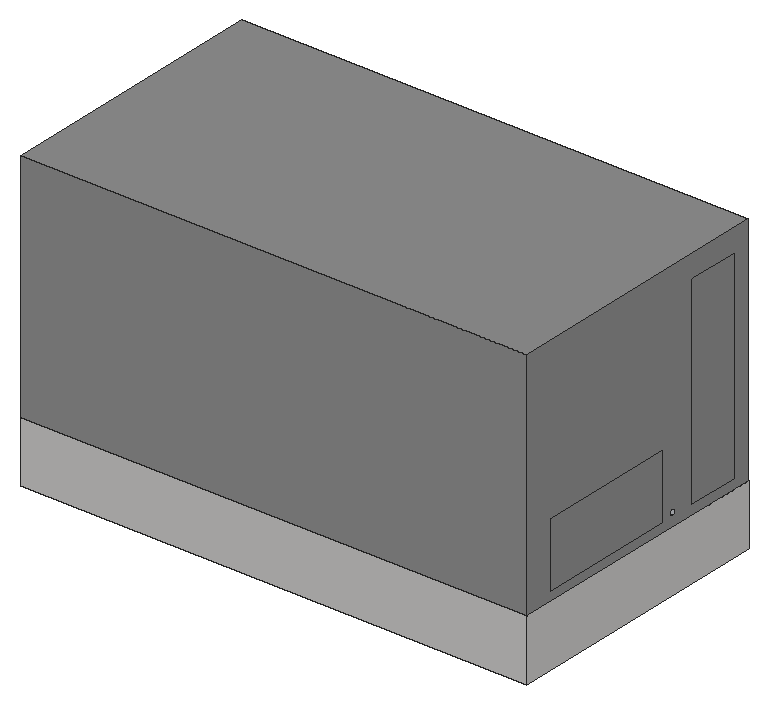
Revit family
Parameters (values of type "15 ton 48TC**16")
  knockout thickness = 1/16"
  Voltage = 0 V
  Version = 1  # constant formula
  Unit material = American Sterling
  URL = "www.Carrier.com"
  TTBY3 = 15"
  TTBY2 = 18 1/8"
  TTBY1 = 22 1/2"
  TTBX = 44 1/4"
  TTBPowerR = 1 1/4"
  TTBGasR = 7/8"
  SSSZ = 6 1/8"
  SSSY = 6 5/8"
  SSSW = 31 3/4"
  SSSH = 14 5/8"
  SSRZ = 6 1/8"
  SSRY = 4 3/8"
  SSRW = 11 7/8"
  SSRH = 46 1/8"
  SEER = 0
  Right clearance = 36"
  PWRZ = 35 3/4"
  PWRY = 11.71105"
  PWRR = 1 1/4"
  ODF2X = 25"
  ODF1Y = ODF1R + 1"  # 12"
  ODF1X = 13"
  ODF1R = 11"
  Model = "48TC"  # constant formula
  Manufacturer = "Carrier"  # constant formula
  MOCP = 0 A
  MCA = 0 A
  Left clearance = 48"
  IEER = 11.7
  Gas [instance] = yes
  Front clearance = 48"
  Fan Z = Height - 3 3/4" + Curb Z  # 67 5/8"
  Width = 63 3/8"
  Length = 115 7/8"
  Height = 57 3/8"
  Fan 2 on = yes
  EER = 10.8
  Disclaimer = "Manufacturer reserves the right to change, at any time, specifications and designs without notice and without obligation.  Please verify critical parameters with local Carrier commercial sales office."  # constant formula
  DSSY = 4 7/8"
  DSSX = 6 1/4"
  DSSW = 26 3/4"
  DSSH = 34"
  DSRY = 6 3/8"
  DSRX = 6 1/4"
  DSRW = 46 7/8"
  DSRH = 12 5/8"
  DRNZ = 6 7/8"
  DRNY = 41 1/2"
  DRNR = 67/128"
  Curb_1SLAB_2ROOFCURB_3SNOWCURB = 2
  Curb material = Curb paint
  Curb Z = if(Curb_1SLAB_2ROOFCURB_3SNOWCURB = 1, 3 3/4", if(Curb_1SLAB_2ROOFCURB_3SNOWCURB = 2, 14", if(Curb_1SLAB_2ROOFCURB_3SNOWCURB = 3, 24", 14")))  # 14"
  Fan 3 on = yes
  CFM (nominal) = 0 CFM
  Back clearance = 36"
  Alt Condensate Drain = DRNR  # 67/128"
  AccypwrR = 7/16"
  ACY = 26"
  ACX = 41 1/2"
Types (10): name | TTBY3 | TTBY2 | TTBY1 | TTBX | TTBPowerR | TTBGasR | SSSZ | SSSY | SSSW | SSSH | SSRZ | SSRY | SSRW | SSRH | SEER | PWRZ | PWRY | ODF2X | ODF1Y | ODF1X | ODF1R | IEER | Fan Z | Width | Length | Height | Fan 2 on | EER | DSSY | DSSX | DSSW | DSSH | DSRY | DSRX | DSRW | DSRH | DRNZ | DRNY | Fan 3 on | Back clearance | ACY | ACX
  (no name) | 15" | 18 1/8" | 22 1/2" | 44 1/4" | 1 1/4" | 7/8" | 6 1/8" | 6 5/8" | 31 3/4" | 14 5/8" | 6 1/8" | 4 3/8" | 11 7/8" | 46 1/8" | 0 | 35 3/4" | 11.71105" | 25" | 12" | 13" | 11" | 11.7 | 67 5/8" | 63 3/8" | 115 7/8" | 57 3/8" | yes | 10.8 | 4 7/8" | 6 1/4" | 26 3/4" | 34" | 6 3/8" | 6 1/4" | 46 7/8" | 12 5/8" | 6 7/8" | 41 1/2" | yes | 36" | 26" | 41 1/2"
  3 ton 48TC **04 | 12 1/4" | 16 1/8" | 18 1/8" | 25" | 9/16" | 19/32" | 6 1/8" | 6 5/8" | 16 3/4" | 11 3/8" | 6" | 2 1/4" | 10 1/2" | 25 1/8" | 13 | 15 3/4" | 4 5/8" | 42" | 14" | 14" | 13" | 0 | 43 5/8" | 44" | 74 3/8" | 33 3/8" | no | 11 | 6 1/4" | 3 3/8" | 12 1/8" | 17 3/4" | 3 3/4" | 3 3/8" | 25 5/8" | 10 7/8" | 7" | 26 3/4" | no | 42" | 18 1/2" | 26 1/2"
  4 ton 48TC**05 | 12 1/4" | 16 1/8" | 18 1/8" | 25" | 9/16" | 19/32" | 6 1/8" | 6 5/8" | 16 3/4" | 11 3/8" | 6" | 2 1/4" | 10 1/2" | 25 1/8" | 13 | 15 3/4" | 4 5/8" | 42" | 14" | 14" | 13" | 0 | 43 5/8" | 44" | 74 3/8" | 33 3/8" | no | 11 | 6 1/4" | 3 3/8" | 12 1/8" | 17 3/4" | 3 3/4" | 3 3/8" | 25 5/8" | 10 7/8" | 7" | 26 3/4" | no | 42" | 18 1/2" | 26 1/2"
  5 ton 48TC**06 | 12 1/4" | 16 1/8" | 18 1/8" | 25" | 9/16" | 19/32" | 6 1/8" | 6 5/8" | 16 3/4" | 11 3/8" | 6" | 2 1/4" | 10 1/2" | 25 1/8" | 13 | 15 3/4" | 4 5/8" | 42" | 14" | 14" | 13" | 0 | 43 5/8" | 44" | 74 3/8" | 33 3/8" | no | 10.75 | 6 1/4" | 3 3/8" | 12 1/8" | 17 3/4" | 3 3/4" | 3 3/8" | 25 5/8" | 10 7/8" | 7" | 26 3/4" | no | 42" | 18 1/2" | 26 1/2"
  6 ton 48TC**07 | 12 1/4" | 16 1/8" | 18 1/8" | 25" | 9/16" | 19/32" | 6 1/8" | 6 5/8" | 16 3/4" | 11 3/8" | 6" | 2 1/4" | 10 1/2" | 25 1/8" | 0 | 15 3/4" | 4 5/8" | 42" | 14" | 14" | 13" | 11.2 | 51 5/8" | 44" | 74 3/8" | 41 3/8" | no | 11 | 6 1/4" | 3 3/8" | 12 1/8" | 17 3/4" | 3 3/4" | 3 3/8" | 25 5/8" | 10 7/8" | 7" | 26 3/4" | no | 36" | 18 1/2" | 26 1/2"
  7.5 ton 48TC**08 | 11" | 16" | 18" | 29 5/8" | 7/8" | 7/8" | 5 3/4" | 6 1/4" | 28 3/8" | 13 7/8" | 5 3/4" | 5" | 12 5/8" | 33 3/4" | 0 | 27 7/8" | 4 5/8" | 12" | 11" | 25" | 10" | 11.7 | 51 1/2" | 59 1/2" | 88 1/8" | 41 1/4" | yes | 11 | 6 1/4" | 3 1/4" | 14" | 28 3/4" | 6 1/2" | 3 1/4" | 36 3/8" | 12 5/8" | 7" | 37 3/8" | no | 36" | 25 1/2" | 37 5/8"
  8.5 ton 48TC**09 | 11" | 16" | 18" | 29 5/8" | 7/8" | 7/8" | 5 3/4" | 6 1/4" | 28 3/8" | 13 7/8" | 5 3/4" | 5" | 12 5/8" | 36 3/8" | 0 | 27 7/8" | 4 5/8" | 12" | 11" | 25" | 10" | 11.7 | 59 5/8" | 59 1/2" | 88 1/8" | 49 3/8" | yes | 11 | 6 1/4" | 3 1/4" | 14" | 28 3/4" | 6 1/2" | 3 1/4" | 36 3/8" | 12 5/8" | 7" | 37 3/8" | no | 36" | 25 1/2" | 37 5/8"
  10 ton 48TC**12 | 11" | 16" | 18" | 29 5/8" | 7/8" | 7/8" | 5 3/4" | 6 1/4" | 28 3/8" | 13 7/8" | 5 3/4" | 5" | 12 5/8" | 36 3/8" | 0 | 27 7/8" | 4 5/8" | 12" | 11" | 25" | 10" | 11.8 | 59 5/8" | 59 1/2" | 88 1/8" | 49 3/8" | yes | 11.1 | 6 1/4" | 3 1/4" | 14" | 28 3/4" | 6 1/2" | 3 1/4" | 36 3/8" | 12 5/8" | 7" | 37 3/8" | no | 36" | 25 1/2" | 37 5/8"
  12.5 ton 48TC**14 | 11" | 16" | 18" | 29 5/8" | 7/8" | 7/8" | 5 3/4" | 6 1/4" | 28 3/8" | 13 7/8" | 5 3/4" | 5" | 12 5/8" | 36 3/8" | 0 | 36" | 4 5/8" | 12" | 19" | 19" | 18" | 11 | 59 5/8" | 59 1/2" | 88 1/8" | 49 3/8" | no | 10.8 | 6 1/4" | 3 1/4" | 14" | 28 3/4" | 6 1/2" | 3 1/4" | 36 3/8" | 12 5/8" | 7" | 37 3/8" | no | 36" | 25 1/2" | 37 5/8"
  15 ton 48TC**16 | 15" | 18 1/8" | 22 1/2" | 44 1/4" | 1 1/4" | 7/8" | 6 1/8" | 6 5/8" | 31 3/4" | 14 5/8" | 6 1/8" | 4 3/8" | 11 7/8" | 46 1/8" | 0 | 35 3/4" | 11.71105" | 25" | 12" | 13" | 11" | 11.7 | 67 5/8" | 63 3/8" | 115 7/8" | 57 3/8" | yes | 10.8 | 4 7/8" | 6 1/4" | 26 3/4" | 34" | 6 3/8" | 6 1/4" | 46 7/8" | 12 5/8" | 6 7/8" | 41 1/2" | yes | 36" | 26" | 41 1/2"
Reference planes (in)
  plane 1 "Center (Front/Back)": y = 0
  plane 2: z = 0
  plane 3 "Center (Left/Right)": x = 0
  plane 4: y = 31.6875
  plane 5: y = -31.6875
  plane 6 "Left": x = -57.9375
  plane 7 "Right": x = 57.9375
  plane 8 "Top": z = 67.625
  plane 9 "Basepan": z = 14
  plane 10: z = 10.25
  plane 11: x = -44.9375
  plane 12: y = 19.6875
  plane 13: y = -19.6875
  plane 14: x = -32.9375
  plane 15: z = 31
  plane 16: z = 16.375
  plane 17: y = -25.0625
  plane 18: y = 6.6875
  plane 19: z = 62.5
  plane 20: z = 16.375
  plane 21: y = 27.3125
  plane 22: y = 15.4375
  plane 23: y = 25.3125
  plane 24: y = 12.6875
  plane 25: y = 7.1875
  plane 26: y = -26.8125
  plane 27: x = 51.6875
  plane 28: x = 24.9375
  plane 29: x = 51.6875
  plane 30: x = 4.8125
  plane 31: z = 14.125
  plane 32: x = 58.0625
  plane 33: y = 9.8125
  plane 34 "drain height": z = 17.125
  plane 35: z = 15
  plane 36: y = 67.6875
  plane 37: y = -79.6875
  plane 38: x = -105.9375
  plane 39: x = 93.9375
  plane 40: y = -5.6875
  plane 41: x = 16.4375
  plane 42: x = -13.6875
  plane 43: y = -16.6875
  plane 44: y = -13.5625
  plane 45: y = -9.1875
  plane 46: y = -12.375
  plane 47: y = -19.97645
  plane 48: z = 49.75
  plane 49: x = -36.73827
Forms (in)
  Extrusion 1, solid, material "American Sterling" <- "Unit material"
    sketch origin (0, 0, 0) x (1, 0, 0) y (0, 1, 0)
      loop
        line (-57.9375, 31.6875) -> (-57.9375, -31.6875) -> (57.9375, -31.6875) -> (57.9375, 31.6875) -> (-57.9375, 31.6875)
    from 10.25 to 67.625
  Extrusion 2, solid, material "Curb paint" <- "Curb material"
    sketch origin (0, 0, -10.25) x (1, 0, 0) y (0, 1, 0)
      loop
        line (-57.9375, 31.6875) -> (-57.9375, -31.6875) -> (57.9375, -31.6875) -> (57.9375, 31.6875) -> (-57.9375, 31.6875)
    from 10.25 to 24.25
  Extrusion 3, solid, material "American Sterling" <- "Unit material"
    sketch origin (57.9375, 0, 0) x (0, 1, 0) y (0, 0, 1)
      loop
        line (-25.0625, 31) -> (-25.0625, 16.375) -> (6.6875, 16.375) -> (6.6875, 31) -> (-25.0625, 31)
    from 0 to 0.125
  Extrusion 4, solid, material "American Sterling" <- "Unit material"
    sketch origin (57.9375, 0, 0) x (0, 1, 0) y (0, 0, 1)
      loop
        line (15.4375, 62.5) -> (15.4375, 16.375) -> (27.3125, 16.375) -> (27.3125, 62.5) -> (15.4375, 62.5)
    from 0 to 0.125
  Extrusion 5, void
    sketch origin (0, 0, 0) x (1, 0, 0) y (0, 1, 0)
      loop
        line (4.8125, 25.3125) -> (4.8125, 12.6875) -> (51.6875, 12.6875) -> (51.6875, 25.3125) -> (4.8125, 25.3125)
    from 0 to 15
  Extrusion 6, void
    sketch origin (0, 0, 0) x (1, 0, 0) y (0, 1, 0)
      loop
        line (24.9375, -26.8125) -> (51.6875, -26.8125) -> (51.6875, 0) -> (24.9375, 0) -> (24.9375, -26.8125)
    from 0 to 15
  Sweep 7, solid
    path origin (0, 0, 17.125) x (1, 0, 0) y (0, 1, 0)
      loop
        line (57.9375, 9.8125) -> (58.0625, 9.8125)
    profile origin (58, 9.8125, 17.125) x (0, 1, 0) y (0, 0, 1)
      loop
        circle (0, 0) r 0.52344
  Extrusion 8, void
    sketch origin (0, 0, 14) x (-1, 0, 0) y (0, -1, 0)
      loop
        circle (-16.4375, 5.6875) r 0.52344
    from -14 to 2.375
  Extrusion 9, void
    sketch origin (0, 0, 14) x (-1, 0, 0) y (0, -1, 0)
      loop
        circle (13.6875, 16.6875) r 0.4375
    from -14 to 2.375
  Extrusion 10, void
    sketch origin (0, 0, 14) x (-1, 0, 0) y (0, -1, 0)
      loop
        circle (13.6875, 13.5625) r 1.25
    from -14 to 2.375
  Extrusion 11, void
    sketch origin (0, 0, 14) x (-1, 0, 0) y (0, -1, 0)
      loop
        circle (13.6875, 9.1875) r 0.875
    from -14 to 2.375
  Extrusion 12, void
    sketch origin (0, 0, 0) x (0, 1, 0) y (0, 0, 1)
      loop
        circle (-19.97645, 49.75) r 1.25
    from -58 to -57.9375
Cuts and joins
  Extrusion 5, Extrusion 6, Extrusion 8, Extrusion 9, Extrusion 10, Extrusion 11 cuts Extrusion 2
  Extrusion 5, Extrusion 6, Extrusion 8, Extrusion 9, Extrusion 10, Extrusion 11, Extrusion 12 cuts Extrusion 1
Lines and regions (in)
  symbolic lines, detail levels fine
    curve 1: line (-105.9375, 67.6875, 17.125) -> (93.9375, 67.6875, 17.125)
    curve 2: line (-105.9375, -79.6875, 17.125) -> (-105.9375, 67.6875, 17.125)
    curve 3: line (93.9375, -79.6875, 17.125) -> (-105.9375, -79.6875, 17.125)
    curve 4: line (93.9375, 67.6875, 17.125) -> (93.9375, -79.6875, 17.125)
Dimensions and locks (in)
  equal spacing: plane 4, plane 1 "Center (Front/Back)", plane 5  (x2)
  equal spacing: plane 6 "Left", plane 3 "Center (Left/Right)", plane 7 "Right"  (x2)
  "Length": plane 6 "Left" to plane 7 "Right"
  "Width": plane 4 to plane 5
  "Curb Z": plane 9 "Basepan" to plane 2
  locked: plane 9 "Basepan" to plane 10 at 3.75
  "Height": plane 8 "Top" to plane 10
  "ODF1Y": plane 4 to plane 12
  "ODF1X": plane 6 "Left" to plane 11
  "ODF1Y": plane 13 to plane 5
  "ODF2X": plane 6 "Left" to plane 14
  plane 6 "Left" to plane 7 "Right" = 115 7/8"
  plane 4 to plane 5 = 63 3/8"
  plane 4 to plane 12 = 12"
  plane 6 "Left" to plane 11 = 13"
  plane 13 to plane 5 = 12"
  plane 6 "Left" to plane 14 = 25"
  "SSSH": plane 15 to plane 16
  "SSSW": plane 17 to plane 18
  "SSRW": plane 22 to plane 21
  "SSRH": plane 19 to plane 20
  "SSSY": plane 5 to plane 17
  "SSSZ": plane 16 to plane 10
  "SSRZ": plane 20 to plane 10
  "SSRY": plane 21 to plane 4
  "DSRH": plane 23 to plane 24
  "DSRW": plane 30 to plane 29
  "DSRX": plane 29 to plane 7 "Right"
  "DSSX": plane 27 to plane 7 "Right"
  "DSSY": plane 26 to plane 5
  "DSSW": plane 28 to plane 27
  "DSSH": plane 25 to plane 26
  "DSRY": plane 4 to plane 23
  locked: plane 31 to plane 9 "Basepan" at 0.125
  locked: plane 32 to plane 7 "Right" at 0.125
  "DRNZ": plane 10 to plane 34 "drain height"
  "DRNY": plane 5 to plane 33
  locked: plane 35 to plane 9 "Basepan" at 1
  "Left clearance": plane 38 to plane 6 "Left"
  "Right clearance": plane 7 "Right" to plane 39
  "Back clearance": plane 36 to plane 4
  "Front clearance": plane 5 to plane 37
  "ACX": plane 41 to plane 7 "Right"
  "ACY": plane 40 to plane 5
  "TTBY1": plane 45 to plane 5
  "TTBY2": plane 44 to plane 5
  "TTBY3": plane 43 to plane 5
  "TTBX": plane 6 "Left" to plane 42
  plane 43 to plane 47 to plane 17 = 3.28895", 5.08605"
  plane 47 to cut or joined group 1 (Extrusion 1, Extrusion 5, Extrusion 6, Extrusion 8, Extrusion 9, Extrusion 10, Extrusion 11, Extrusion 12) = 11.71105"
  "PWRZ": plane 9 "Basepan" to plane 48
  cut or joined group 1 to plane 49 = 21 51/256"
  "knockout thickness": Extrusion 12 to cut or joined group 1
  "DRNR": radius of Sweep 7 sketch curve
  "Alt Condensate Drain": radius of Extrusion 8 sketch curve
  "AccypwrR": radius of Extrusion 9 sketch curve
  "TTBPowerR": radius of Extrusion 10 sketch curve
  "TTBGasR": radius of Extrusion 11 sketch curve
  "PWRR": radius of Extrusion 12 sketch curve
  aligned and locked: level to plane 2
  aligned and locked: plane 8 "Top" to Extrusion 1
  aligned and locked: Extrusion 1 to plane 10
  aligned and locked: plane 9 "Basepan" to Extrusion 2
  aligned and locked: Extrusion 2 to level
  aligned and locked: nested 1 to plane 12
  aligned and locked: nested 1 to plane 11
  aligned and locked: plane 1 "Center (Front/Back)" to nested 2
  aligned and locked: nested 2 to plane 14
  aligned and locked: nested 3 to plane 13
  aligned and locked: nested 3 to plane 11
  aligned and locked: plane 32 to Extrusion 4
  aligned and locked: plane 32 to Extrusion 3
  aligned and locked: plane 35 to Extrusion 6
  aligned and locked: Extrusion 5 to Extrusion 6
  aligned and locked: Extrusion 8 to level
  aligned and locked: plane 16 to Extrusion 8
  aligned and locked: plane 16 to Extrusion 9
  aligned and locked: Extrusion 9 to level
  aligned and locked: Extrusion 10 to level
  aligned and locked: plane 16 to Extrusion 10
  aligned and locked: Extrusion 11 to level
  aligned and locked: plane 16 to Extrusion 11
  aligned: plane 6 "Left" to Extrusion 12
  aligned: Extrusion 12 to plane 49
  aligned and locked: Extrusion 2 sketch curve to cut or joined group 1
  aligned and locked: Extrusion 2 sketch curve to plane 4
  aligned and locked: Extrusion 1 to plane 6 "Left"
  aligned and locked: Extrusion 2 sketch curve to plane 6 "Left"
  aligned and locked: Extrusion 1 sketch curve to plane 5
  aligned and locked: Extrusion 12 to plane 6 "Left"
Automatic sketch dimensions
  Extrusion 3 sketch curve to plane 16 = 0"
  Extrusion 3 sketch curve to plane 17 = 0"
  Extrusion 3 sketch curve to plane 18 = 0"
  Extrusion 3 sketch curve to plane 15 = 0"
  Extrusion 4 sketch curve to plane 20 = 0"
  Extrusion 4 sketch curve to plane 22 = 0"
  Extrusion 4 sketch curve to plane 21 = 0"
  Extrusion 4 sketch curve to plane 19 = 0"
  Extrusion 5 sketch curve to plane 24 = 0"
  Extrusion 5 sketch curve to plane 30 = 0"
  Extrusion 5 sketch curve to plane 27 = 0"
  Extrusion 5 sketch curve to plane 23 = 0"
  plane 1 "Center (Front/Back)" to Extrusion 6 sketch curve = 0"
  Extrusion 6 sketch curve to plane 28 = 0"
  Extrusion 6 sketch curve to plane 27 = 0"
  plane 26 to Extrusion 6 sketch curve = 0"
  Sweep 7 sketch curve to plane 7 "Right" = 0"
  Sweep 7 sketch curve to plane 32 = 0"
  Sweep 7 sketch curve to plane 33 = 0"
  Sweep 7 sketch curve to plane 34 "drain height" = 0"
  Sweep 7 sketch curve to profile plane = 0"
  curve 3 to plane 37 = 0"
  curve 3 to plane 38 = 0"
  curve 2 to plane 36 = 0"
  Extrusion 8 sketch curve to plane 40 = 0"
  Extrusion 8 sketch curve to plane 41 = 0"
  curve 3 to plane 39 = 0"
  Extrusion 9 sketch curve to plane 42 = 0"
  Extrusion 9 sketch curve to plane 43 = 0"
  Extrusion 10 sketch curve to plane 42 = 0"
  plane 44 to Extrusion 10 sketch curve = 0"
  Extrusion 11 sketch curve to plane 42 = 0"
  plane 45 to Extrusion 11 sketch curve = 0"
  Extrusion 12 sketch curve to plane 47 = 0"
  plane 48 to Extrusion 12 sketch curve = 0"
  Extrusion 2 sketch curve to plane 7 "Right" = 0"
  Extrusion 1 sketch curve to plane 6 "Left" = 0"
  Extrusion 1 sketch curve to plane 7 "Right" = 0"
  Extrusion 1 sketch curve to plane 4 = 0"
Nested families (in)
  nested 1: "OutdoorFan" at (-44.9375, 19.6875, 67.625), built-in parameter 1001364 <- "Fan Z", type "OutdoorFan"
  nested 2: "OutdoorFan" at (-32.9375, 0, 67.625), built-in parameter 1001364 <- "Fan Z", visible <- "Fan 2 on", type "OutdoorFan"
  nested 3: "OutdoorFan" at (-44.9375, -19.6875, 67.625), built-in parameter 1001364 <- "Fan Z", visible <- "Fan 3 on", type "OutdoorFan"
Connectors (in)
  hvac at (57.9375, -9.1875, 23.6875), driven by "SSSH", driven by "SSSW"
    settings: on Extrusion 3, index 1, duct flow 0 CFM, flow factor 0, pres drop 0.00 in-wg, loss coef 0, conn angle 0.00°, conn width 31 3/4", conn height 14 5/8", conn radius 12", duct sys type 1, conn prof type 1, flow config 0, flow direction 1, loss method 0, conn ref index -1, conn util no, is conn primary yes, conn desc ""
  hvac at (57.9375, 21.375, 39.4375), driven by "SSRH", driven by "SSRW"
    settings: on Extrusion 4, index 2, duct flow 0 CFM, flow factor 0, pres drop 0.00 in-wg, loss coef 0, conn angle 0.00°, conn width 11 7/8", conn height 46 1/8", conn radius 12", duct sys type 2, conn prof type 1, flow config 0, flow direction 2, loss method 0, conn ref index -1, conn util no, is conn primary no, conn desc ""
  hvac at (38.3125, -13.40625, 15), driven by "DSSH", driven by "DSSW"
    settings: on cut or joined group 1, index 3, duct flow 0 CFM, flow factor 0, pres drop 0.00 in-wg, loss coef 0, conn angle 0.00°, conn width 26 3/4", conn height 34", conn radius 12", duct sys type 1, conn prof type 1, flow config 0, flow direction 2, loss method 0, conn ref index -1, conn util no, is conn primary no, conn desc ""
  hvac at (28.25, 19, 15), driven by "DSRH", driven by "DSRW"
    settings: on cut or joined group 1, index 4, duct flow 0 CFM, flow factor 0, pres drop 0.00 in-wg, loss coef 0, conn angle 0.00°, conn width 46 7/8", conn height 12 5/8", conn radius 12", duct sys type 2, conn prof type 1, flow config 0, flow direction 1, loss method 0, conn ref index -1, conn util no, is conn primary no, conn desc ""
  piping at (58.0625, 9.8125, 17.125), driven by "DRNR"
    settings: on Sweep 7, index 5, connector radius 67/128", flow factor 0, pipe flow 0 GPM, pressure drop 0.00 psi, fitting loss kfactor 0, connector angle 0.00°, fixture units 0, flow configuration 0, flow direction 2, fitting loss method 0, system type 16, connector reference index -1, connector utility 0, adjustable connector no, is connector primary yes, fitting loss table "", connector description ""
  piping at (16.4375, -5.6875, 16.375), driven by "Alt Condensate Drain"
    settings: on cut or joined group 1, index 7, connector radius 67/128", flow factor 0, pipe flow 0 GPM, pressure drop 0.00 psi, fitting loss kfactor 0, connector angle 0.00°, fixture units 0, flow configuration 0, flow direction 2, fitting loss method 0, system type 16, connector reference index -1, connector utility 0, adjustable connector no, is connector primary no, fitting loss table "", connector description ""
  electrical at (-13.6875, -16.6875, 16.375)
    settings: on cut or joined group 1, index 9, voltage 0 V, apparent load 0 VA, apparent load phase1 0 VA, apparent load phase2 0 VA, apparent load phase3 0 VA, power factor 1, load classification "Other", number of poles 1, system type 30, power factor state 1, is connector primary yes, connector utility no, sub classification motor no, connector description "Accy Pwr"
  electrical at (-13.6875, -13.5625, 16.375)
    settings: on cut or joined group 1, index 10, voltage 0 V, apparent load 0 VA, apparent load phase1 0 VA, apparent load phase2 0 VA, apparent load phase3 0 VA, power factor 1, load classification "Other", number of poles 1, system type 30, power factor state 1, is connector primary no, connector utility no, sub classification motor no, connector description "Thru the base power"
  electrical at (-57.9375, -19.97645, 49.75)
    settings: on cut or joined group 1, index 11, voltage 0 V, apparent load 0 VA, apparent load phase1 0 VA, apparent load phase2 0 VA, apparent load phase3 0 VA, power factor 1, load classification "Other", number of poles 1, system type 31, power factor state 1, is connector primary no, connector utility no, sub classification motor no, connector description ""
Definition of nested family "OutdoorFan"
  Parameters (values of type "OutdoorFan")
    ODF1R = 22"
    InsideR = ODF1R * 0.75  # 16 1/2"
    Inside2R = ODF1R * 0.5  # 11"
    Inside1R = ODF1R * 0.25  # 5 1/2"
  Reference planes (in)
    plane 1 "Center (Front/Back)": y = 0
    plane 2: z = 0
    plane 3 "Center (Left/Right)": x = 0
  Lines and regions (in)
    model lines, style "Fan", detail levels medium+fine
      curve 1: circle (0, 0, 0) r 22 normal (0, 0, 1)
      curve 2: circle (0, 0, 0) r 11 normal (0, 0, 1)
      curve 3: circle (0, 0, 0) r 5.5 normal (0, 0, 1)
      curve 4: circle (0, 0, 0) r 16.5 normal (0, 0, 1)
  Dimensions and locks (in)
    "ODF1R": radius of curve 1
    "InsideR": radius of curve 4
    "Inside1R": radius of curve 3
    "Inside2R": radius of curve 2
    aligned and locked: level to plane 2
  Automatic sketch dimensions
    curve 1 to curve 3 = 0"  (x2)
    curve 2 to curve 4 = 0"  (x2)
    curve 3 to curve 4 = 0"  (x2)
    plane 1 "Center (Front/Back)" to curve 2 = 0"
    curve 2 to plane 3 "Center (Left/Right)" = 0"
